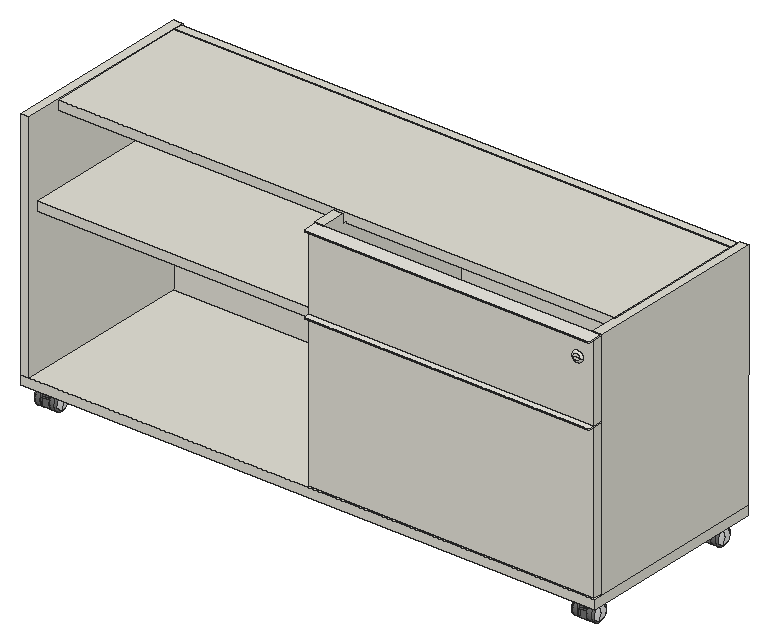
Revit family "Haworth_BeHold_Modular_MobileCredenza", category Furniture Systems, Revit 2018
Family settings
  Round Connector Dimension = Use Diameter
  Part Type = Normal
  OmniClass Number = 23.40.70.14.64.21
  OmniClass Title = Systems Furniture
  Work Plane-Based = No
  Always vertical = Yes
  Cut with Voids When Loaded = No
  Shared = No
  Room Calculation Point = No
Parameters (values of type "Inset Back")
  With Lock = yes
  Wing Pull Length = if(Actual Width < 36", 13 1/8", 16 3/4")  # 16 3/4"
  Wing Pull = no
  Warranty = "http://www.haworth.com/resources/product-info/warranties"
  URL - Product = "http://www.haworth.com/na/en/products/active-storage/be-hold.html"
  URL = "www.haworth.com"
  Trim Finish [instance] = Haworth _ Paint _ Smooth Plaster
  Total Drawer Height = Actual Height - Bottom Case Offset - Case Thickness - 1/4"  # 19 1/4"
  Top Thickness = 3/4"  # constant formula
  Top Drawer Height = ((Total Drawer Height - Distance Between Drawer) * 1 / 3)  # 6 3/8"
  Top Case Front Offset = 3"  # constant formula
  Top Case Back Control = if(Proud Style, 0", 3/16")  # 3/16"
  Sustainability Info = "https://www.haworth.com/company-info/sustainability"
  Size = "Verify Final Dim. w/ Haworth"  # constant formula
  Side Caster Offset = 1 9/16"  # constant formula
  Side Case Front Offset = Case Thickness  # 3/4"
  Side Case Back Control = if(Proud Style, Case Thickness, 0")  # 0"
  Shelf 1 Offset = Bottom Drawer Height + 1/8" + 1/16"  # 12 15/16"
  Revision Number = "1"  # constant formula
  Pull Finish [instance] = Haworth _ Paint _ Smooth Plaster
  Proud Style = not(Inset Style)  # no
  Model = "Haworth Be_Hold"  # constant formula
  Min. Width = 72"  # constant formula
  Min. Height = 22"  # constant formula
  Min. Depth = 16"  # constant formula
  Front Caster Offset = 1 7/8"  # constant formula
  Caster Finish = Haworth _ Polymer _ Slate
  Bottom Drawer Offset = Bottom Case Offset + Case Thickness + 1/8"  # 2 5/8"
  Bottom Drawer Height = ((Total Drawer Height - Distance Between Drawer) * 2 / 3)  # 12 3/4"
  Max. Width = 72"  # constant formula
  Max. Depth = 16"  # constant formula
  Max. Height = 22"  # constant formula
  Manufacturer = "Haworth"  # constant formula
  Linear Pull Length = 8"  # constant formula
  Linear Pull = no
  Inset Style = yes
  Front Finish [instance] = Haworth _ Laminate _ Beige H-34
  Front Edge Finish [instance] = Haworth _ Laminate _ Beige H-34
  Drawer Width = Actual Storage Width - 1/8"  # 23 7/8"
  Distance Between Drawer = 1/8"  # constant formula
  Description = "Haworth - Be_Hold - Modular Mobile Credenza"  # constant formula
  Cresent Pull = no
  Classic Pull Length = 6 3/4"  # constant formula
  Classic Pull = no
  Case Thickness = 3/4"  # constant formula
  Case Finish [instance] = Haworth _ Laminate _ Beige H-34
  Case Edge Finish [instance] = Haworth _ Laminate _ Beige H-34
  Bottom Case Offset = 1 3/4"  # constant formula
  Blade Pull Length = Drawer Width - 1/16"  # 23 13/16"
  Blade Pull = not(or(Cresent Pull, Linear Pull, Classic Pull, Wing Pull))  # yes
  Back Caster Offset = 1 3/16"  # constant formula
  Back Case Side Control = if(Proud Style, 0", Case Thickness)  # 3/4"
  Back Case Back Control = if(Proud Style, 0", 3/16")  # 3/16"
  Author = "Haworth (Alias)"  # constant formula
  Assembly Code = "E2020200"
  Actual Width = 48"  # constant formula
  Actual Storage Width = 24"  # constant formula
  Actual Height = 22"  # constant formula
  Actual Depth = 16"  # constant formula
Types (2): name | Top Case Back Control | Side Case Back Control | Proud Style | Inset Style | Back Case Side Control | Back Case Back Control
  Proud Back | 0" | 3/4" | yes | no | 0" | 0"
  Inset Back | 3/16" | 0" | no | yes | 3/4" | 3/16"
Reference planes (in)
  plane 1: z = 0
  plane 2 "Center L/R": x = -6.17556
  plane 3 "Center F/B": y = -11.5
  plane 4 "Top": z = 22
  plane 5 "Back": y = -3.5
  plane 6 "Front": y = -19.5
  plane 7 "Right": x = 17.82444
  plane 8 "Left": x = -30.17556
  plane 9 "Case Inside Left": x = -29.42556
  plane 10 "Case Inside Right": x = 17.07444
  plane 11 "Case Inside Back": y = -4.25
  plane 12 "Case Bottom": z = 1.75
  plane 13 "Case Inside Front": y = -18.75
  plane 14 "Inside Case Bottom": z = 2.5
  plane 15 "Inside Case Top": z = 21.25
  plane 16 "Top of Top Drawer": z = 21.875
  plane 17 "Bottom of Bottom Drawer": z = 2.625
  plane 18 "Top of Shelf 1": z = 15.4375
  plane 19 "Bottom of Shelf 1": z = 14.6875
  plane 20 "Shelf End": x = -6.17556
  plane 21 "Inside Shelf": x = -5.42556
  plane 22 "Drawer Center": x = 5.82444
  plane 23 "Right  Caster": x = 16.26194
  plane 24 "Left Caster": x = -28.61306
  plane 25 "Back Caster": y = -4.6875
  plane 26 "Front Caster": y = -17.625
Forms (in)
  Extrusion 1, solid, material "Haworth _ Laminate _ Beige H-34" <- "Case Finish"
    sketch origin (0, 0, 0) x (1, 0, 0) y (0, 1, 0)
      loop
        line (-30.17556, -3.5) -> (-30.17556, -19.5) -> (17.82444, -19.5) -> (17.82444, -3.5) -> (-30.17556, -3.5)
    from 1.75 to 2.5
  Sweep 2, solid, material "Haworth _ Laminate _ Beige H-34" <- "Case Finish"
    path origin (0, 0, 1.75) x (0, -1, 0) y (1, 0, 0)
      loop
        line (19.5, -30.17556) -> (19.5, -29.42556)
    profile origin (-29.80056, -19.5, 1.75) x (0, 1, 0) y (0, 0, 1)
      loop
        line (0, 20.25) -> (0, 0.75) -> (16, 0.75) -> (16, 20.25) -> (0, 20.25)
  Sweep 3, solid, material "Haworth _ Laminate _ Beige H-34" <- "Case Finish"
    path origin (-12.35111, 0, 1.75) x (0, -1, 0) y (-1, 0, 0)
      loop
        line (19.5, -30.17556) -> (19.5, -29.42556)
    profile origin (17.44944, -19.5, 1.75) x (0, -1, 0) y (0, 0, 1)
      loop
        line (-0.75, 20.25) -> (-16, 20.25) -> (-16, 0.75) -> (-0.75, 0.75) -> (-0.75, 20.25)
  Sweep 4, solid, material "Haworth _ Laminate _ Beige H-34" <- "Case Finish"
    path origin (0, 0, 1.75) x (0, -1, 0) y (1, 0, 0)
      loop
        line (4.4375, -6.17556) -> (3.6875, -6.17556)
    profile origin (-6.17556, -4.0625, 1.75) x (-1, 0, 0) y (0, 0, 1)
      loop
        line (-23.25, 0.75) -> (23.25, 0.75) -> (23.25, 20.25) -> (-23.25, 20.25) -> (-23.25, 0.75)
  Extrusion 5, solid, material "Haworth _ Laminate _ Beige H-34" <- "Case Finish"
    sketch origin (0, 0, 1.75) x (0, -1, 0) y (1, 0, 0)
      loop
        line (4.4375, -29.42556) -> (16.5, -29.42556) -> (16.5, 17.07444) -> (4.4375, 17.07444) -> (4.4375, -29.42556)
    from 19.5 to 20.25
  Extrusion 6, solid, material "Haworth _ Laminate _ Beige H-34" <- "Case Finish"
    sketch origin (0, 0, 0) x (1, 0, 0) y (0, 1, 0)
      loop
        line (-29.42556, -4.25) -> (-29.42556, -18.75) -> (-6.17556, -18.75) -> (-6.17556, -4.25) -> (-29.42556, -4.25)
    from 14.6875 to 15.4375
  Sweep 7, solid, material "Haworth _ Laminate _ Beige H-34" <- "Case Finish"
    path origin (0, 0, 2.5) x (-1, 0, 0) y (0, -1, 0)
      loop
        line (5.42556, 4.25) -> (6.17556, 4.25)
    profile origin (-5.80056, -4.25, 2.5) x (0, -1, 0) y (0, 0, 1)
      loop
        line (0, 18.75) -> (0, 0) -> (14.5, 0) -> (14.5, 19.5) -> (12.5, 19.5) -> (12.5, 18.75) -> (0, 18.75)
Lines and regions (in)
  Masking region 1
    outline origin (0, 0, 21.25) x (0, -1, 0) y (1, 0, 0)
      loop
        line (3.5, -30.17556) -> (19.5, -30.17556) -> (19.5, 17.82444) -> (3.5, 17.82444) -> (3.5, -30.17556)
  symbolic lines, style "Haworth", detail levels medium+fine
    curve 1: line (-30.17556, -16.5, 21.25) -> (17.82444, -16.5, 21.25)
Dimensions and locks (in)
  "Actual Width": plane 8 "Left" to plane 7 "Right"
  equal spacing: plane 5 "Back", plane 3 "Center F/B", plane 6 "Front"
  "Actual Depth": plane 5 "Back" to plane 6 "Front"
  "Case Thickness": plane 9 "Case Inside Left" to plane 8 "Left"
  "Case Thickness": plane 10 "Case Inside Right" to plane 7 "Right"
  "Bottom Case Offset": plane 12 "Case Bottom" to plane 1
  "Case Thickness": plane 11 "Case Inside Back" to plane 5 "Back"
  "Case Thickness": plane 6 "Front" to plane 13 "Case Inside Front"
  "Case Thickness": plane 14 "Inside Case Bottom" to plane 12 "Case Bottom"
  "Top Thickness": plane 4 "Top" to plane 15 "Inside Case Top"
  "Side Case Back Control": Sweep 2 sketch curve to plane 5 "Back"
  "Side Case Back Control": Sweep 3 sketch curve to plane 5 "Back"
  "Back Case Side Control": Sweep 4 sketch curve to plane 7 "Right"
  "Back Case Side Control": Sweep 4 sketch curve to plane 8 "Left"
  "Actual Height": plane 4 "Top" to plane 1
  locked: plane 4 "Top" to plane 16 "Top of Top Drawer" at 0.125
  locked: plane 17 "Bottom of Bottom Drawer" to plane 14 "Inside Case Bottom" at 0.125
  "Top Case Front Offset": Extrusion 5 sketch curve to plane 6 "Front"
  "Case Thickness": plane 18 "Top of Shelf 1" to plane 19 "Bottom of Shelf 1"
  "Shelf 1 Offset": plane 18 "Top of Shelf 1" to plane 14 "Inside Case Bottom"
  equal spacing: plane 8 "Left", plane 2 "Center L/R", plane 7 "Right"
  "Case Thickness": plane 21 "Inside Shelf" to plane 20 "Shelf End"
  locked: plane 13 "Case Inside Front" to Sweep 7 sketch curve at 2
  "Case Thickness": Extrusion 6 sketch curve to plane 6 "Front"
  "Top Case Front Offset": plane 6 "Front" to curve 1
  "Case Thickness": Sweep 4 sketch curve to Sweep 4 sketch curve
  "Back Case Back Control": plane 5 "Back" to Sweep 4 sketch curve
  "Top Case Back Control": Extrusion 5 sketch curve to plane 11 "Case Inside Back"
  "Actual Storage Width": plane 20 "Shelf End" to plane 7 "Right"
  "Side Case Front Offset": plane 6 "Front" to Sweep 3 sketch curve
  equal spacing: plane 20 "Shelf End", plane 22 "Drawer Center", plane 7 "Right"
  "Side Caster Offset": plane 24 "Left Caster" to plane 8 "Left"
  "Side Caster Offset": plane 23 "Right  Caster" to plane 7 "Right"
  "Back Caster Offset": plane 25 "Back Caster" to plane 5 "Back"
  "Front Caster Offset": plane 6 "Front" to plane 26 "Front Caster"
  aligned and locked: Extrusion 1 sketch curve to plane 7 "Right"
  aligned and locked: Extrusion 1 sketch curve to plane 5 "Back"
  aligned and locked: plane 8 "Left" to Extrusion 1 sketch curve
  aligned and locked: plane 6 "Front" to Extrusion 1 sketch curve
  aligned and locked: plane 12 "Case Bottom" to Extrusion 1
  aligned and locked: plane 14 "Inside Case Bottom" to Extrusion 1
  aligned and locked: plane 8 "Left" to Sweep 2 sketch curve
  aligned and locked: plane 9 "Case Inside Left" to Sweep 2 sketch curve
  aligned and locked: Sweep 2 sketch curve to plane 6 "Front"  (x2)
  aligned and locked: Sweep 2 sketch curve to plane 4 "Top"
  aligned and locked: plane 14 "Inside Case Bottom" to Sweep 2 sketch curve
  aligned and locked: plane 6 "Front" to Sweep 3 sketch curve
  aligned and locked: plane 7 "Right" to Sweep 3 sketch curve
  aligned and locked: plane 10 "Case Inside Right" to Sweep 3 sketch curve
  aligned and locked: plane 14 "Inside Case Bottom" to Sweep 3 sketch curve
  aligned and locked: Sweep 3 sketch curve to plane 4 "Top"
  aligned and locked: plane 2 "Center L/R" to Sweep 4 sketch curve
  aligned and locked: plane 4 "Top" to Sweep 4 sketch curve
  aligned and locked: Sweep 4 sketch curve to plane 14 "Inside Case Bottom"
  aligned and locked: plane 10 "Case Inside Right" to Extrusion 5 sketch curve
  aligned and locked: plane 9 "Case Inside Left" to Extrusion 5 sketch curve
  aligned and locked: plane 4 "Top" to Extrusion 5
  aligned and locked: plane 15 "Inside Case Top" to Extrusion 5
  aligned and locked: Masking region 1 sketch curve to plane 7 "Right"
  aligned and locked: Masking region 1 sketch curve to plane 5 "Back"
  aligned and locked: plane 8 "Left" to Masking region 1 sketch curve
  aligned and locked: plane 6 "Front" to Masking region 1 sketch curve
  aligned and locked: nested 2 to plane 16 "Top of Top Drawer"
  aligned and locked: plane 6 "Front" to nested 1
  aligned and locked: plane 6 "Front" to nested 2
  aligned and locked: plane 11 "Case Inside Back" to Extrusion 6 sketch curve
  aligned and locked: plane 9 "Case Inside Left" to Extrusion 6 sketch curve
  aligned and locked: plane 18 "Top of Shelf 1" to Extrusion 6
  aligned and locked: Extrusion 6 to plane 19 "Bottom of Shelf 1"
  aligned and locked: Extrusion 6 sketch curve to plane 20 "Shelf End"
  aligned and locked: Sweep 7 sketch curve to plane 11 "Case Inside Back"
  aligned and locked: plane 21 "Inside Shelf" to Sweep 7 sketch curve
  aligned and locked: plane 20 "Shelf End" to Sweep 7 sketch curve
  aligned and locked: Sweep 7 sketch curve to plane 15 "Inside Case Top"
  aligned and locked: plane 13 "Case Inside Front" to Sweep 7 sketch curve
  aligned and locked: Sweep 7 sketch curve to plane 4 "Top"
  aligned and locked: plane 11 "Case Inside Back" to Sweep 7 sketch curve
  aligned and locked: plane 14 "Inside Case Bottom" to Sweep 7 sketch curve
  aligned and locked: nested 5 to plane 12 "Case Bottom"
  aligned and locked: nested 3 to plane 12 "Case Bottom"
  aligned and locked: nested 6 to plane 12 "Case Bottom"
  aligned and locked: nested 4 to plane 12 "Case Bottom"
  aligned and locked: plane 24 "Left Caster" to nested 3
  aligned and locked: plane 24 "Left Caster" to nested 4
  aligned and locked: nested 5 to plane 23 "Right  Caster"
  aligned and locked: nested 6 to plane 23 "Right  Caster"
  aligned and locked: plane 25 "Back Caster" to nested 3
  aligned and locked: plane 25 "Back Caster" to nested 5
  aligned and locked: nested 4 to plane 26 "Front Caster"
  aligned and locked: nested 6 to plane 26 "Front Caster"
  aligned and locked: plane 22 "Drawer Center" to nested 2
  aligned and locked: plane 22 "Drawer Center" to nested 1
Automatic sketch dimensions
  curve 1 to plane 8 "Left" = 0"
  curve 1 to plane 7 "Right" = 0"
Nested families (in)
  nested 1: "Haworth_BeHold_Drawer_PART" at (5.82444, -18.36287, 2.625), Drawer Height <- "Bottom Drawer Height", built-in parameter 1001364 <- "Bottom Drawer Offset", type "Haworth_Drawer"
    with With Lock no, Pull Height 12 3/4", Drawer Height 12 3/4", Wing Pull Length 16 3/4", Wing Pull no, Drawer Width 23 7/8", Blade Pull Length 23 13/16", Blade Pull yes
  nested 2: "Haworth_BeHold_Drawer_PART" at (5.82444, -18.36287, 15.5), Drawer Height <- "Top Drawer Height", With Lock <- "With Lock", type "Haworth_Drawer"
    with With Lock yes, Pull Height 6 3/8", Drawer Height 6 3/8", Wing Pull Length 16 3/4", Wing Pull no, Drawer Width 23 7/8", Blade Pull Length 23 13/16", Blade Pull yes
  nested 3: "Haworth_BeHold_Casters_PART" at (-28.61306, -5.83329, 0), type "Casters"
  nested 4: "Haworth_BeHold_Casters_PART" at (-28.61306, -18.77079, 0), type "Casters"
  nested 5: "Haworth_BeHold_Casters_PART" at (16.26194, -5.83329, 0), type "Casters"
  nested 6: "Haworth_BeHold_Casters_PART" at (16.26194, -18.77079, 0), type "Casters"
Definition of nested family "Haworth_BeHold_Drawer_PART"
  Parameters (values of type "Haworth_Drawer")
    With Lock [instance] = yes
    Wing Pull Length = 6 1/2"
    Wing Pull = yes
    Warranty = "http://www.haworth.com/resources/product-info/warranties"
    URL - Product = ""
    URL = "www.haworth.com"
    Trim Finish = none
    Revision Number = "1"  # constant formula
    Pull Height [instance] = if(or(Wing Pull, Blade Pull), Drawer Height, Drawer Height - 1 21/32")  # 12"
    Pull Finish = none
    Note = "Verify Final Dim. w/ Haworth"  # constant formula
    Model = "Haworth Be_Hold"  # constant formula
    Manufacturer = "Haworth"  # constant formula
    Lock Offset Top = 1 21/32"  # constant formula
    Lock Offset Side = 1 3/8"  # constant formula
    Linear Pull = no
    Front Finish = none
    Front Edge Finish = none
    Drawer Width = 15 1/2"
    Drawer Height [instance] = 12"
    Description = "Haworth - Be_Hold - Drawer"
    Cresent Pull = no
    Classic Pull Length = 6 3/4"
    Classic Pull = no
    Blade Pull Length = 15 7/16"
    Blade Pull = no
    Linear Pull Length = 8"
    Author = "Haworth (Alias)"  # constant formula
    Assembly Code = ""
  Reference planes (in)
    plane 1 "Drawer Back": y = -0.26213
    plane 2: z = 0
    plane 3 "Center L/R": x = 0
    plane 4 "Drawer Front": y = -1.13713
    plane 5 "Left": x = -7.75
    plane 6 "Right": x = 7.75
    plane 7 "Top": z = 12
    plane 8 "Hardware Start": y = -0.38713
    plane 9 "Lock Side": x = 6.375
    plane 10 "Lock Horizontal": z = 10.34375
  Forms (in)
    Extrusion 1, solid, material <- "Front Finish"
      sketch origin (0, -1.13713, 0) x (-1, 0, 0) y (0, 0, 1)
        loop
          line (-7.75, 12) -> (-7.75, 0) -> (7.75, 0) -> (7.75, 12) -> (-7.75, 12)
      from 0 to 0.75
    Revolve 2, solid, material <- "Trim Finish", visible <- "With Lock"
      sketch origin (0, 0, 10.34375) x (-1, 0, 0) y (0, -1, 0)
        loop
          line (-6.375, 1.13713) -> (-6.375, 1.2621) -> (-6.68756, 1.2621)
          arc (-6.68756, 1.2621) -> (-6.77593, 1.2255) -> (-6.81253, 1.13713) r 0.12497
          line (-6.81253, 1.13713) -> (-6.375, 1.13713)
        axis (-6.375, 1.13713) -> (-6.375, 1.2621)
      angle from 0 to 360
  Lines and regions (in)
    Masking region 1
      outline origin (0, 0, 10.34375) x (-1, 0, 0) y (0, -1, 0)
        loop
          line (7.75, 0.38713) -> (7.75, 1.13713) -> (-7.75, 1.13713) -> (-7.75, 0.38713) -> (7.75, 0.38713)
  Dimensions and locks (in)
    equal spacing: plane 5 "Left", plane 3 "Center L/R", plane 6 "Right"
    "Drawer Width": plane 5 "Left" to plane 6 "Right"
    "Drawer Height": plane 7 "Top" to level
    locked: plane 1 "Drawer Back" to plane 8 "Hardware Start" at 0.125
    plane 4 "Drawer Front" to plane 1 "Drawer Back" = 7/8"
    plane 4 "Drawer Front" to plane 8 "Hardware Start" = 3/4"
    "Lock Offset Side": plane 9 "Lock Side" to plane 6 "Right"
    "Lock Offset Top": plane 7 "Top" to plane 10 "Lock Horizontal"
    locked: Revolve 2 sketch curve to plane 4 "Drawer Front" at 0.12497
    locked: plane 9 "Lock Side" to Revolve 2 sketch curve at 0.43753
    aligned and locked: Extrusion 1 sketch curve to plane 6 "Right"
    aligned and locked: plane 7 "Top" to Extrusion 1 sketch curve
    aligned and locked: Extrusion 1 sketch curve to plane 5 "Left"
    aligned and locked: Extrusion 1 sketch curve to plane 2
    aligned and locked: Extrusion 1 to plane 8 "Hardware Start"
    aligned and locked: Extrusion 1 to plane 4 "Drawer Front"
    aligned and locked: plane 9 "Lock Side" to Revolve 2 sketch curve  (x2)
    aligned and locked: Revolve 2 sketch curve to plane 4 "Drawer Front"
    aligned and locked: plane 3 "Center L/R" to nested 1
    aligned and locked: nested 1 to plane 4 "Drawer Front"
    aligned and locked: plane 6 "Right" to Masking region 1 sketch curve
    aligned and locked: plane 8 "Hardware Start" to Masking region 1 sketch curve
    aligned and locked: plane 4 "Drawer Front" to Masking region 1 sketch curve
    aligned and locked: plane 5 "Left" to Masking region 1 sketch curve
  Automatic sketch dimensions
    plane 8 "Hardware Start" to Revolve 2 sketch curve = 0.19925"
    Revolve 2 sketch curve to Revolve 2 sketch curve = 0.41501"
  Nested families (in)
    nested 1: "Haworth_Drawer-Pulls_PART" at (0, -1.13713, 12), built-in parameter 1001364 <- "Pull Height", type "Pull"
      with Wing yes, Linear no
  Definition of nested family "Haworth_Drawer-Pulls_PART"
    Parameters (values of type "Pull")
      Wing Pull Length = 6 1/2"
      Wing = no
      Warranty = "https://www.haworth.com/resources/product-info/warranties"
      URL = "https://www.haworth.com"
      Trim Finish = none
      Revision Number = "1"  # constant formula
      Model = "Haworth Be_Hold"  # constant formula
      Manufacturer = "Haworth"  # constant formula
      Linear Pull Length = 8"
      Linear = yes
      Description = "Haworth - Be_Hold - Pull Part"
      Cresent = no
      Classic Pull Length = 6 3/4"
      Classic = no
      Blade Pull Length = 15 7/16"
      Blade = no
      Author = "Haworth (Alias)"  # constant formula
      Assembly Code = ""
    Reference planes (in)
      plane 1 "Center Front/Back": y = 0
      plane 2: z = 0
      plane 3 "Center Left/Right": x = 0
      plane 4 "Classic Left": x = -3.375
      plane 5 "Classic Right": x = 3.375
      plane 6 "Linear Left": x = -4
      plane 7 "Linear Right": x = 4
      plane 8 "Wing Right": x = 3.25001
      plane 9 "Wing Left": x = -3.25001
      plane 10 "Blade Left": x = -7.71875
      plane 11 "Blade Right": x = 7.71875
    Forms (in)
      Extrusion 1, solid, material <- "Trim Finish", visible <- "Linear"
        sketch origin (0, 0, 0.125) x (1, 0, 0) y (0, 1, 0)
          loop
            line (-4, 0) -> (-4, -1.25) -> (4, -1.25) -> (4, 0) -> (3, 0) -> (3, -1) -> (-3, -1) -> (-3, 0) -> (-4, 0)
        from 0 to -0.25
      Extrusion 2, solid, material <- "Trim Finish", visible <- "Classic"
        sketch origin (0, 0, 0.375) x (1, 0, 0) y (0, 0, 1)
          loop
            line (-3.375, 0) -> (-3.375, -0.75)
            arc (-3.375, -0.75) -> (-3, -0.375) -> (-3.375, 0) r 0.375
        from 0 to 1
      Extrusion 3, solid, material <- "Trim Finish", visible <- "Classic"
        sketch origin (0, 0, 0.375) x (-1, 0, 0) y (0, 0, -1)
          loop
            arc (-3.375, 0.00132) -> (-3.00132, 0.375) -> (-3.375, 0.74868) r 0.37368
            line (-3.375, 0.74868) -> (-3.375, 0.00132)
        from 0 to 1
      Extrusion 4, solid, material <- "Trim Finish", visible <- "Classic"
        sketch origin (0, 0, 0.375) x (1, 0, 0) y (0, 0, 1)
          loop
            line (-3.375, 0) -> (-3.375, -0.75) -> (3.375, -0.75) -> (3.375, 0) -> (-3.375, 0)
        from 1 to 1.25
      Sweep 5, solid, material <- "Trim Finish", visible <- "Cresent"
        path origin (0, 0, 0) x (1, 0, 0) y (0, 1, 0)
          loop
            arc (-3.75002, 0) -> (-0.00002, -1.25) -> (3.74998, 0) r 6.25
        profile origin (-0.00002, -1.25, 0) x (0, 1, 0) y (0, 0, 1)
          loop
            circle (0.125, 0) r 0.125
      Sweep 6, solid, material <- "Trim Finish", visible <- "Wing"
        path origin (0, 0, 0) x (1, 0, 0) y (0, 1, 0)
          loop
            line (3.25001, 0) -> (-3.25001, 0)
        profile origin (0, 0, 0) x (0, -1, 0) y (0, 0, 1)
          loop
            line (0, -0.055) -> (0.7144, -0.45418)
            arc (0.7144, -0.45418) -> (0.85453, -0.40762) -> (0.79557, -0.27225) r 0.10001
            line (0.79557, -0.27225) -> (0, 0) -> (0, -0.055)
      Extrusion 7, void
        sketch origin (0, 0, 0) x (1, 0, 0) y (0, 1, 0)
          loop
            line (-3.25001, 0) -> (-3.25001, -0.92709) -> (-2.91255, -0.92709) -> (-3.25001, 0)
          loop
            line (3.25001, 0) -> (2.91255, -0.92709) -> (3.25001, -0.92709) -> (3.25001, 0)
        from -1 to 0.5
      Sweep 8, solid, material <- "Trim Finish", visible <- "Blade"
        path origin (0, 0, 0) x (1, 0, 0) y (0, 0, 1)
          loop
            line (0, 0) -> (0, 0.09375)
        profile origin (0, 0, 0.04687) x (-1, 0, 0) y (0, -1, 0)
          loop
            line (7.71875, -0.75) -> (7.71875, 0.40579)
            arc (7.71875, 0.40579) -> (7.682, 0.4945) -> (7.59329, 0.53125) r 0.12546
            line (7.59329, 0.53125) -> (-7.59361, 0.53125)
            arc (-7.59361, 0.53125) -> (-7.6821, 0.4946) -> (-7.71875, 0.40611) r 0.12514
            line (-7.71875, 0.40611) -> (-7.71875, -0.75) -> (7.71875, -0.75)
    Cuts and joins
      Extrusion 7 cuts Extrusion 4
      joined: Extrusion 2, Extrusion 3, Extrusion 4
      Extrusion 7 cuts Sweep 6
    Lines and regions (in)
      symbolic lines, detail levels fine
        curve 1: line (-4, 0, 0) -> (4, 0, 0)
    Dimensions and locks (in)
      equal spacing: plane 4 "Classic Left", plane 3 "Center Left/Right", plane 5 "Classic Right"
      "Classic Pull Length": plane 4 "Classic Left" to plane 5 "Classic Right"
      locked: Extrusion 1 sketch curve to Extrusion 1 sketch curve at 1  (x2)
      equal spacing: plane 6 "Linear Left", plane 3 "Center Left/Right", plane 7 "Linear Right"
      "Linear Pull Length": plane 6 "Linear Left" to plane 7 "Linear Right"
      locked: profile plane to Sweep 5 sketch curve at 0.125
      locked: plane 9 "Wing Left" to Extrusion 7 sketch curve at 0.33745
      locked: Extrusion 7 sketch curve to plane 1 "Center Front/Back" at 0.92709
      locked: plane 1 "Center Front/Back" to Extrusion 7 sketch curve at 0.92709
      Extrusion 7 sketch curve to plane 8 "Wing Right" = 0.33745"
      equal spacing: plane 11 "Blade Right", plane 3 "Center Left/Right", plane 10 "Blade Left"
      "Blade Pull Length": plane 11 "Blade Right" to plane 10 "Blade Left"
      locked: Sweep 8 sketch curve to plane 2 at 0.09375
      locked: Sweep 8 sketch curve to plane 1 "Center Front/Back" at 0.75
      locked: Sweep 8 sketch curve to plane 1 "Center Front/Back" at 0.53125
      equal spacing: plane 8 "Wing Right", plane 3 "Center Left/Right", plane 9 "Wing Left"
      "Wing Pull Length": plane 8 "Wing Right" to plane 9 "Wing Left"
      aligned and locked: plane 4 "Classic Left" to Extrusion 4 sketch curve
      aligned and locked: plane 5 "Classic Right" to Extrusion 4 sketch curve
      aligned and locked: plane 5 "Classic Right" to Extrusion 3 sketch curve
      aligned and locked: Extrusion 2 sketch curve to plane 4 "Classic Left"
      aligned and locked: Extrusion 1 sketch curve to plane 7 "Linear Right"
      aligned and locked: Extrusion 1 sketch curve to plane 6 "Linear Left"
      aligned and locked: plane 2 to Sweep 5 sketch curve
      aligned and locked: profile plane to plane 2
      aligned and locked: Sweep 6 sketch curve to plane 1 "Center Front/Back"
      aligned and locked: plane 8 "Wing Right" to Sweep 6 sketch curve
      aligned and locked: plane 9 "Wing Left" to Sweep 6 sketch curve
      aligned and locked: Extrusion 7 sketch curve to plane 9 "Wing Left"
      aligned and locked: Extrusion 7 sketch curve to plane 8 "Wing Right"
      aligned and locked: plane 2 to Sweep 8 sketch curve
      aligned and locked: Sweep 8 sketch curve to plane 10 "Blade Left"
      aligned and locked: Sweep 8 sketch curve to plane 11 "Blade Right"
      aligned and locked: plane 1 "Center Front/Back" to curve 1
      aligned and locked: plane 7 "Linear Right" to curve 1
      aligned and locked: plane 6 "Linear Left" to curve 1
    Automatic sketch dimensions
      Extrusion 2 sketch curve to level = 0"
      Extrusion 2 sketch curve to level = 3/8"
      Extrusion 3 sketch curve to level = 0"
      level to Extrusion 3 sketch curve = 0.37368"
      Extrusion 4 sketch curve to level = 3/8"
      level to Extrusion 4 sketch curve = 3/8"
      plane 1 "Center Front/Back" to Extrusion 1 sketch curve = 0"  (x2)
      plane 1 "Center Front/Back" to Extrusion 1 sketch curve = 1"
      Extrusion 1 sketch curve to Extrusion 1 sketch curve = 1/4"
      plane 1 "Center Front/Back" to Sweep 5 sketch curve = 0"  (x2)
      Sweep 5 sketch curve to plane 3 "Center Left/Right" = 0.00002"
      Sweep 5 sketch curve to plane 1 "Center Front/Back" = 5"
      Sweep 5 sketch curve to plane 6 "Linear Left" = 0.24998"
      Sweep 6 sketch curve to profile plane = 0"
      Sweep 6 sketch curve to profile plane = 0.7144"
      Sweep 6 sketch curve to Sweep 6 sketch curve = 0.04879"
      Sweep 6 sketch curve to Sweep 6 sketch curve = 0.03238"
      Sweep 6 sketch curve to level = 0.45418"
      Sweep 6 sketch curve to Sweep 6 sketch curve = 0.08731"
      Sweep 6 sketch curve to Sweep 6 sketch curve = 0.27225"
      Sweep 6 sketch curve to Sweep 6 sketch curve = 0.055"
      plane 1 "Center Front/Back" to Extrusion 7 sketch curve = 0"  (x2)
      Sweep 8 sketch curve to plane 3 "Center Left/Right" = 0"
      Sweep 8 sketch curve to Sweep 8 sketch curve = 0.12514"
      Sweep 8 sketch curve to Sweep 8 sketch curve = 0.12546"
      radius of Sweep 5 sketch curve = 1/8"
Definition of nested family "Haworth_BeHold_Casters_PART"
  Parameters (values of type "Casters")
    Warranty = "http://www.haworth.com/product-info/warranties"
    Version = "1"  # constant formula
    URL - Product = ""
    URL = "http://www.haworth.com/our-brands/haworth-collection"
    Size = "Verify Final Dim. w/ Haworth"  # constant formula
    Model = "Haworth Be_Hold"  # constant formula
    Manufacturer = "Haworth"  # constant formula
    Description = "Haworth Be_Hold Casters - Part"
    Caster Finish = none
    Author = "Haworth (Alias)"  # constant formula
    Assembly Code = "E2020200"
  Reference planes (in)
    plane 1 "Center Front/Back": y = 1.14579
    plane 2: z = 0
    plane 3 "Center Left/Right": x = 0
    plane 4 "Caster Center": y = 0.5887
    plane 5 "Center Height": z = 0.72835
  Forms (in)
    Revolve 1, solid, material <- "Caster Finish"
      sketch origin (0, 0.5887, 0) x (-1, 0, 0) y (0, 0, 1)
        loop
          line (-0.99211, 0.72835) -> (0.99211, 0.72835)
          arc (0.99211, 0.72835) -> (0.97517, 1.03743) -> (0.92912, 1.34354) r 3.27488
          arc (0.92912, 1.34354) -> (0.8804, 1.42478) -> (0.7912, 1.45669) r 0.14063
          line (0.7912, 1.45669) -> (0.38942, 1.45669)
          arc (0.38942, 1.45669) -> (0.35627, 1.44296) -> (0.34254, 1.40982) r 0.04688
          line (0.34254, 1.40982) -> (0.34254, 1.00984) -> (0.20476, 1.00984) -> (0.20476, 0.94308) -> (-0.20471, 0.94308) -> (-0.20471, 1.00984) -> (-0.3425, 1.00984) -> (-0.3425, 1.40982)
          arc (-0.3425, 1.40982) -> (-0.35623, 1.44296) -> (-0.38937, 1.45669) r 0.04688
          line (-0.38937, 1.45669) -> (-0.79041, 1.45669)
          arc (-0.79041, 1.45669) -> (-0.88024, 1.42455) -> (-0.92928, 1.34272) r 0.14159
          arc (-0.92928, 1.34272) -> (-0.97521, 1.03702) -> (-0.99211, 0.72835) r 3.27488
        axis (0.99211, 0.72835) -> (-0.99211, 0.72835)
      angle from 0 to 360
    Revolve 2, solid, material <- "Caster Finish"
      sketch origin (0, 1.14579, 0) x (1, 0, 0) y (0, 0, 1)
        loop
          line (0, 1.62008) -> (0, 1.29331) -> (0.18402, 1.29331) -> (0.18402, 1.36417) -> (0.24504, 1.36417)
          arc (0.24504, 1.36417) -> (0.29271, 1.43635) -> (0.27837, 1.52165) r 0.11804
          line (0.27837, 1.52165) -> (0.17715, 1.52165) -> (0.43304, 1.62008) -> (0, 1.62008)
        axis (0, 1.62008) -> (0, 1.29331)
      angle from 0 to 360
    Sweep 3, solid, material <- "Caster Finish"
      path origin (0, 0, 0) x (1, 0, 0) y (0, 1, 0)
        loop
          line (-0.27557, 0.5887) -> (0.27557, 0.5887)
      profile origin (0, 0.5887, 0) x (0, 1, 0) y (0, 0, 1)
        loop
          line (0.82585, 1.29331) -> (0.23817, 1.29331) -> (0.23817, 1.45079) -> (0, 1.45079)
          arc (0, 1.45079) -> (-0.29766, 1.38662) -> (-0.54244, 1.2055) r 0.72243
          arc (-0.54244, 1.2055) -> (-0.55468, 1.18597) -> (-0.56009, 1.16356) r 0.07169
          line (-0.56009, 1.16356) -> (-0.57214, 1.00443)
          arc (-0.57214, 1.00443) -> (-0.57562, 0.94304) -> (-0.57678, 0.88156) r 1.62789
          line (-0.57678, 0.88156) -> (-0.57678, 0.23819) -> (0.6696, 0.23819)
          arc (0.6696, 0.23819) -> (0.78009, 0.28395) -> (0.82585, 0.39444) r 0.15625
          line (0.82585, 0.39444) -> (0.82585, 1.29331)
    Extrusion 4, solid, material <- "Caster Finish"
      sketch origin (0, 0, 0) x (1, 0, 0) y (0, 1, 0)
        loop
          arc (-0.78522, 1.74615) -> (-0.9399, 1.68208) -> (-1.00397, 1.5274) r 0.21875
          line (-1.00397, 1.5274) -> (-1.00397, 0.76414)
          arc (-1.00397, 0.76414) -> (-0.9399, 0.60946) -> (-0.78522, 0.54539) r 0.21875
          line (-0.78522, 0.54539) -> (0.7835, 0.54539)
          arc (0.7835, 0.54539) -> (0.93936, 0.60995) -> (1.00392, 0.76582) r 0.22042
          line (1.00392, 0.76582) -> (1.00392, 1.5274)
          arc (1.00392, 1.5274) -> (0.93985, 1.68208) -> (0.78517, 1.74615) r 0.21875
          line (0.78517, 1.74615) -> (-0.78522, 1.74615)
      from 1.62008 to 1.75
  Lines and regions (in)
    Masking region 1
      outline origin (0, 0, 0) x (1, 0, 0) y (0, 1, 0)
        loop
          line (-0.38942, 1.31704) -> (-0.7912, 1.31704)
          arc (-0.7912, 1.31704) -> (-0.88083, 1.28478) -> (-0.92933, 1.2028) r 0.14063
          arc (-0.92933, 1.2028) -> (-0.98745, 0.5887) -> (-0.92933, -0.02541) r 3.27344
          arc (-0.92933, -0.02541) -> (-0.88083, -0.10739) -> (-0.7912, -0.13965) r 0.14063
          line (-0.7912, -0.13965) -> (-0.38942, -0.13965)
          arc (-0.38942, -0.13965) -> (-0.35627, -0.12592) -> (-0.34254, -0.09278) r 0.04688
          line (-0.34254, -0.09278) -> (-0.34254, 0.3072) -> (-0.20476, 0.3072) -> (-0.20476, 0.37396) -> (0.20471, 0.37396) -> (0.20471, 0.3072) -> (0.3425, 0.3072) -> (0.3425, -0.09278)
          arc (0.3425, -0.09278) -> (0.35623, -0.12592) -> (0.38937, -0.13965) r 0.04688
          line (0.38937, -0.13965) -> (0.79041, -0.13965)
          arc (0.79041, -0.13965) -> (0.88014, -0.10759) -> (0.92923, -0.02592) r 0.14159
          arc (0.92923, -0.02592) -> (0.98745, 0.5887) -> (0.92923, 1.20332) r 3.27344
          arc (0.92923, 1.20332) -> (0.88014, 1.28498) -> (0.79041, 1.31704) r 0.14159
          line (0.79041, 1.31704) -> (0.38937, 1.31704)
          arc (0.38937, 1.31704) -> (0.35623, 1.30331) -> (0.3425, 1.27017) r 0.04688
          line (0.3425, 1.27017) -> (0.3425, 0.87019) -> (0.20471, 0.87019) -> (0.20471, 0.80343) -> (-0.20476, 0.80343) -> (-0.20476, 0.87019) -> (-0.34254, 0.87019) -> (-0.34254, 1.27017)
          arc (-0.34254, 1.27017) -> (-0.35627, 1.30331) -> (-0.38942, 1.31704) r 0.04688
  Dimensions and locks (in)
    locked: plane 5 "Center Height" to plane 2 at 0.72835
    equal spacing: Sweep 3 sketch curve, plane 3 "Center Left/Right", Sweep 3 sketch curve, locked at 0.27557 each
    aligned and locked: level to plane 2
    aligned and locked: plane 5 "Center Height" to Revolve 1 sketch curve
    aligned and locked: Revolve 1 sketch curve to plane 5 "Center Height"
    aligned and locked: Sweep 3 sketch curve to plane 4 "Caster Center"
    aligned and locked: Revolve 2 sketch curve to plane 3 "Center Left/Right"  (x2)
